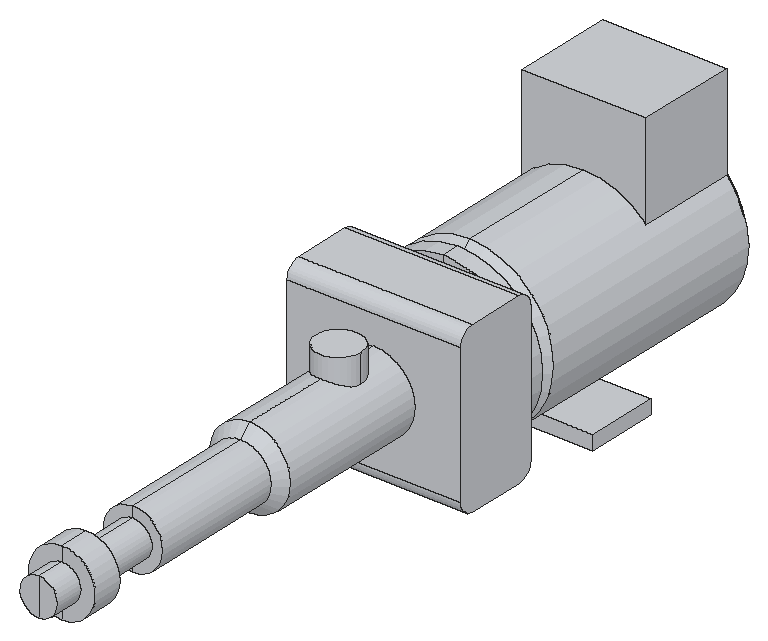
Revit family "d99492423ba04b1ebf5dc01cb46cf03f", category Mechanical Equipment, host Face, Revit 2021
Family settings
  Host = Face
  Round Connector Dimension = Use Radius
  Classification = Pump
  Part Type = Normal
  OmniClass Number = 23.60.30.21
  OmniClass Title = Pumps
  Cut with Voids When Loaded = No
  Shared = No
  Room Calculation Point = No
Parameters (values of type "0.29 GPM")
  Width = Motor Radius * 2  # 5 51/64"
  Voltage = 240 V
  Symbol Radius = Width / 2  # 2 115/128"
  Suction Y Offset = 12 61/64"
  Suction Nominal Radius = 1/2"
  Suction Body Radius = Suction Nominal Radius * 1.05 + 1/4"  # 0.775"
  Pump Material = none
  Pump Length = 17 123/256"
  Power Factor = 0.8
  Offset = 0"
  Number of Poles = 3
  Motor Radius = Discharge Z Offset - 1/4"  # 2 115/128"
  Motor Material = none
  Load Classification = Appliance - Dwelling Unit
  Length 1 = Motor Radius - 3/4"  # 2 19/128"
  Length = 27 133/256"
  Height = 8 99/256"
  Flow [instance] = 0.286 GPM
  Discharge Z Offset = 3 19/128"
  Discharge Nominal Radius = 3/8"
  Discharge Body Radius = Discharge Nominal Radius * 1.05 + 1/4"  # 0.64375"
  Default Elevation = 48"
  Apparent Power = 0 VA
Types (5): name | Suction Y Offset | Pump Length | Length | Flow
  (no name) | 12 61/64" | 17 123/256" | 27 133/256" | 0.286 GPM
  0.29 GPM | 12 61/64" | 17 123/256" | 27 133/256" | 0.286 GPM
  0.48 GPM | 12 61/64" | 17 123/256" | 27 133/256" | 0.476 GPM
  0.95 GPM | 13 105/128" | 18 89/256" | 30 121/256" | 0.947 GPM
  2.55 GPM | 15 5/64" | 19 155/256" | 31 187/256" | 2.554 GPM
Reference planes (in)
  plane 1 "Center (Front/Back)": y = 0
  plane 2: z = 0
  plane 3 "Center (Left/Right)": x = 0
  plane 4: y = -13.75977
  plane 5: y = 13.75977
  plane 6: y = 3.7207
  plane 7 "bottom": z = 0
  plane 8: z = 3.14844
  plane 9: y = -12.75977
  plane 10: y = 8.74023
  plane 11: y = 6.24023
  plane 12: y = 13.25977
  plane 13: y = 9.75977
  plane 14: z = 8.38672
  plane 15: y = -5.01953
  plane 16: z = 5.29688
  plane 17: y = 0.7207
  plane 18: y = -0.80664
Forms (in)
  Revolve 1, solid, material <- "Pump Material"
    sketch origin (0, 0, 0) x (0, 1, 0) y (0, 0, 1)
      loop
        line (13.75977, 3.14844) -> (13.75977, 5.54688) -> (13.25977, 6.04688) -> (4.85527, 6.04688) -> (4.35058, 5.54219) -> (4.35058, 6.04688) -> (3.7207, 6.04688) -> (3.7207, 3.14844) -> (13.75977, 3.14844)
      loop
        line (-13.75977, 3.14844) -> (0.7207, 3.14844) -> (0.7207, 4.54688) -> (-4.64219, 4.54688) -> (-5.01953, 4.16953) -> (-9.68909, 4.16953) -> (-9.68909, 3.79219) -> (-11.71094, 3.79219) -> (-11.71094, 4.29219) -> (-12.75977, 4.29219) -> (-12.75977, 3.79219) -> (-13.75977, 3.79219) -> (-13.75977, 3.14844)
      axis (-13.75977, 3.14844) -> (13.75977, 3.14844)
    angle from 0 to 360
  Extrusion 2, solid, material <- "Pump Material"
    sketch origin (0, -105.2001, 0) x (0, -1, 0) y (1, 0, 0)
      loop
        line (-113.94033, -3.14844) -> (-111.44033, -3.14844) -> (-111.44033, 3.14844) -> (-113.94033, 3.14844) -> (-113.94033, -3.14844)
    from 0 to 0.5
  Extrusion 3, solid, material <- "Pump Material"
    sketch origin (0, 0, 0) x (1, 0, 0) y (0, 1, 0)
      loop
        line (-2.14375, 13.25977) -> (-2.14375, 9.75977) -> (2.14375, 9.75977) -> (2.14375, 13.25977) -> (-2.14375, 13.25977)
    from 8.38672 to 3.14844
  Extrusion 4, solid, material <- "Pump Material"
    sketch origin (0, 0, 0) x (0, 1, 0) y (0, 0, 1)
      loop
        arc (1.2207, 6.04688) -> (0.86715, 5.90043) -> (0.7207, 5.54688) r 0.5
        line (0.7207, 5.54688) -> (0.7207, 0.75)
        arc (0.7207, 0.75) -> (0.86715, 0.39645) -> (1.2207, 0.25) r 0.5
        line (1.2207, 0.25) -> (3.2207, 0.25)
        arc (3.2207, 0.25) -> (3.57426, 0.39645) -> (3.7207, 0.75) r 0.5
        line (3.7207, 0.75) -> (3.7207, 5.54688)
        arc (3.7207, 5.54688) -> (3.57426, 5.90043) -> (3.2207, 6.04688) r 0.5
        line (3.2207, 6.04688) -> (1.2207, 6.04688)
    from -3 to 3
  Extrusion 5, solid, material <- "Pump Material"
    sketch origin (0, 0, 0) x (1, 0, 0) y (0, 1, 0)
      loop
        circle (0, -0.80664) r 0.775
    from 3.14844 to 5.29688
Cuts and joins
  joined: Revolve 1, Extrusion 2, Extrusion 3, Extrusion 5
Lines and regions (in)
  Masking region 1, detail levels fine
    outline origin (0, 0, 0) x (1, 0, 0) y (0, 1, 0)
      loop
        line (0.64375, -13.75977) -> (0.64375, -12.75977) -> (1.14375, -12.75977) -> (1.14375, -11.71094) -> (0.64375, -11.71094) -> (0.64375, -9.68909) -> (1.02109, -9.68909) -> (1.02109, -5.01953) -> (1.39844, -4.64219) -> (1.39844, 0.7207) -> (3, 0.7207) -> (3, 3.7207) -> (2.89844, 3.7207) -> (2.89844, 6.24023) -> (3.14844, 6.24023) -> (3.14844, 8.74023) -> (2.89844, 8.74023) -> (2.89844, 13.75977) -> (-2.89844, 13.75977) -> (-2.89844, 8.74023) -> (-3.14844, 8.74023) -> (-3.14844, 6.24023) -> (-2.89844, 6.24023) -> (-2.89844, 3.7207) -> (-3, 3.7207) -> (-3, 0.7207) -> (-1.39844, 0.7207) -> (-1.39844, -4.64219) -> (-1.02109, -5.01953) -> (-1.02109, -9.68909) -> (-0.64375, -9.68909) -> (-0.64375, -11.71094) -> (-1.14375, -11.71094) -> (-1.14375, -12.75977) -> (-0.64375, -12.75977) -> (-0.64375, -13.75977) -> (0.64375, -13.75977)
  symbolic lines, detail levels fine
    curve 1: line (-0.64375, -12.75977, 0) -> (0.64375, -12.75977, 0)
    curve 2: line (-0.64375, -11.71094, 0) -> (0.64375, -11.71094, 0)
    curve 3: line (-0.64375, -9.68909, 0) -> (0.64375, -9.68909, 0)
    curve 4: line (-1.02109, -5.01953, 0) -> (1.02109, -5.01953, 0)
    curve 5: line (-1.39844, -4.64219, 0) -> (1.39844, -4.64219, 0)
    curve 6: line (-1.39844, 0.7207, 0) -> (1.39844, 0.7207, 0)
    curve 7: line (-2.89844, 3.7207, 0) -> (2.89844, 3.7207, 0)
    curve 8: line (-2.89844, 8.74023, 0) -> (-2.89844, 6.24023, 0)
    curve 9: line (2.89844, 8.74023, 0) -> (2.89844, 6.24023, 0)
Dimensions and locks (in)
  equal spacing: plane 5, plane 1 "Center (Front/Back)", plane 4
  "Length": plane 5 to plane 4
  "Pump Length": plane 6 to plane 4
  "Offset": plane 7 "bottom" to level
  "Discharge Z Offset": plane 8 to plane 7 "bottom"
  "Motor Radius": Revolve 1 sketch curve to Revolve 1 sketch curve
  locked: plane 4 to plane 9 at 1
  "Discharge Body Radius": Revolve 1 sketch curve to Revolve 1 sketch curve
  equal spacing: Revolve 1 sketch curve, Revolve 1 sketch curve, Revolve 1 sketch curve
  locked: plane 10 to plane 11 at 2.5
  equal spacing: plane 5, plane 10, plane 6
  "Discharge Z Offset": Extrusion 2 sketch curve to plane 3 "Center (Left/Right)"
  "Discharge Z Offset": plane 3 "Center (Left/Right)" to Extrusion 2 sketch curve
  locked: plane 12 to plane 5 at 0.5
  locked: plane 12 to plane 13 at 3.5
  equal spacing: Extrusion 3 sketch curve, plane 3 "Center (Left/Right)", Extrusion 3 sketch curve
  "Height": plane 14 to plane 7 "bottom"
  equal spacing: plane 6, plane 15, plane 4
  "Length 1": plane 16 to plane 8
  locked: plane 17 to plane 6 at 3
  locked: Revolve 1 sketch curve to Revolve 1 sketch curve at 1.5
  "Suction Y Offset": plane 4 to plane 18
  "Motor Radius": plane 8 to Extrusion 4 sketch curve  (x2)
  "Motor Radius": Masking region 1 sketch curve to plane 3 "Center (Left/Right)"
  "Motor Radius": plane 3 "Center (Left/Right)" to Masking region 1 sketch curve
  "Discharge Body Radius": Masking region 1 sketch curve to plane 3 "Center (Left/Right)"
  "Discharge Body Radius": plane 3 "Center (Left/Right)" to Masking region 1 sketch curve
  locked: Masking region 1 sketch curve to Masking region 1 sketch curve at 1.5  (x2)
  locked: Masking region 1 sketch curve to Masking region 1 sketch curve at 0.5  (x2)
  locked: Revolve 1 sketch curve to Revolve 1 sketch curve at 0.5
  equal spacing: Masking region 1 sketch curve, Masking region 1 sketch curve, Masking region 1 sketch curve  (x2)
  "Suction Body Radius": radius of Extrusion 5 sketch curve
  radius of Extrusion 4 sketch curve = 1/2"  (x4)
  aligned and locked: plane 2 to host face
  aligned and locked: level to host face
  aligned and locked: Revolve 1 sketch curve to plane 8
  aligned and locked: Revolve 1 sketch curve to plane 5
  aligned and locked: plane 6 to Revolve 1 sketch curve
  aligned and locked: Revolve 1 sketch curve to Revolve 1 sketch curve  (x2)
  aligned and locked: plane 4 to Revolve 1 sketch curve
  aligned and locked: Revolve 1 sketch curve to plane 9
  aligned and locked: plane 11 to Extrusion 2 sketch curve
  aligned and locked: Extrusion 2 sketch curve to plane 10
  aligned and locked: plane 12 to Extrusion 3 sketch curve
  aligned and locked: plane 13 to Extrusion 3 sketch curve
  aligned and locked: plane 8 to Extrusion 3
  aligned and locked: plane 14 to Extrusion 3
  aligned and locked: plane 15 to Revolve 1 sketch curve
  aligned and locked: plane 3 "Center (Left/Right)" to nested 1
  aligned and locked: plane 1 "Center (Front/Back)" to nested 1
  aligned and locked: Revolve 1 sketch curve to plane 17
  aligned and locked: plane 18 to Extrusion 5 sketch curve
  aligned and locked: plane 3 "Center (Left/Right)" to Extrusion 5 sketch curve
  aligned and locked: Extrusion 5 to plane 16
  aligned and locked: Extrusion 5 to plane 8
  aligned and locked: Masking region 1 sketch curve to Masking region 1 sketch curve  (x10)
  aligned and locked: Masking region 1 sketch curve to cut or joined group of Revolve 1, Extrusion 2, Extrusion 3, Extrusion 5  (x6)
  aligned and locked: Masking region 1 sketch curve to plane 11
  aligned and locked: Masking region 1 sketch curve to plane 10
  aligned and locked: Masking region 1 sketch curve to plane 5
  aligned and locked: plane 6 to Masking region 1 sketch curve
  aligned and locked: plane 17 to Masking region 1 sketch curve
  aligned and locked: Masking region 1 sketch curve to Extrusion 4  (x2)
  aligned and locked: plane 4 to Masking region 1 sketch curve
  aligned and locked: plane 15 to Masking region 1 sketch curve  (x2)
Automatic sketch dimensions
  host sketch curve to host sketch curve = 96"  (x2)
  Extrusion 3 sketch curve to plane 3 "Center (Left/Right)" = 2.14375"
  curve 8 to plane 11 = 0"
  curve 7 to plane 6 = 0"
  curve 8 to plane 10 = 0"
  curve 6 to plane 17 = 0"
  curve 4 to plane 15 = 0"
  curve 9 to plane 10 = 0"
  curve 9 to plane 11 = 0"
  curve 8 to plane 3 "Center (Left/Right)" = 2 115/128"
  curve 7 to curve 8 = 0"
  curve 6 to plane 3 "Center (Left/Right)" = 1 51/128"
  plane 15 to curve 5 = 0.37734"
  curve 5 to plane 3 "Center (Left/Right)" = 1 51/128"
  curve 5 to curve 4 = 0.37734"
  curve 1 to plane 3 "Center (Left/Right)" = 0.64375"
  curve 3 to plane 3 "Center (Left/Right)" = 0.64375"
  curve 2 to plane 3 "Center (Left/Right)" = 0.64375"
  plane 3 "Center (Left/Right)" to curve 3 = 0.64375"
  plane 3 "Center (Left/Right)" to curve 1 = 0.64375"
  plane 3 "Center (Left/Right)" to curve 2 = 0.64375"
  plane 3 "Center (Left/Right)" to curve 4 = 1.02109"
  plane 3 "Center (Left/Right)" to curve 6 = 1 51/128"
  curve 4 to curve 5 = 0.37734"
  plane 3 "Center (Left/Right)" to curve 9 = 2 115/128"
  curve 7 to curve 9 = 0"
  plane 4 to curve 3 = 4.07068"
  curve 2 to curve 3 = 2.02185"
  plane 4 to curve 1 = 1"
  Revolve 1 sketch curve to plane 12 = 0"
  Revolve 1 sketch curve to plane 8 = 0"
  plane 9 to Revolve 1 sketch curve = 1.04883"
  Revolve 1 sketch curve to Revolve 1 sketch curve = 2.02185"
  plane 15 to Revolve 1 sketch curve = 0.37734"
  plane 16 to Revolve 1 sketch curve = 0.24531"
  plane 6 to Revolve 1 sketch curve = 0.62988"
  Revolve 1 sketch curve to Revolve 1 sketch curve = 0.50469"
  Revolve 1 sketch curve to Revolve 1 sketch curve = 1/2"
  plane 16 to Revolve 1 sketch curve = 1/4"
  Revolve 1 sketch curve to plane 4 = 96.49678"
  plane 5 to Revolve 1 sketch curve = 74.98368"
  Extrusion 4 sketch curve to plane 17 = 0"
  Extrusion 4 sketch curve to plane 6 = 0"
  plane 3 "Center (Left/Right)" to Masking region 1 sketch curve = 0.64375"
  plane 15 to Masking region 1 sketch curve = 0.37734"
Nested families (in)
  nested 1: "Pump Symbol" at (0, 0, 0), Symbol Radius <- "Symbol Radius", type "Pump Symbol", detail levels coarse+medium
    with Symbol Radius 2 115/128", Symbol Length 2 2.51012", Symbol Length 1 1 115/256"
Connectors (in)
  piping at (0, -13.75977, 3.14844), diameter 0.75, driven by "Discharge Nominal Radius", driven by "Flow"
    settings: on cut or joined group of Revolve 1, Extrusion 2, Extrusion 3, Extrusion 5, index 2, connector inside diameter 24", connector length 0", flow factor 0, pipe flow 0.286 GPM, pressure drop 0.00 psi, fitting loss kfactor 0, connector angle 0.00°, fixture units 0, engagement length 0", angle of deflection 0.00°, flow configuration 0, flow direction 2, fitting loss method 0, system type 29, joint type 0, gender type 0, connector reference index 3, connector utility 0, adjustable connector no, is connector primary yes, connector description "Out"
  piping at (0, -0.80664, 5.29688), diameter 1, driven by "Suction Nominal Radius", driven by "Flow"
    settings: on cut or joined group of Revolve 1, Extrusion 2, Extrusion 3, Extrusion 5, index 3, connector inside diameter 24", connector length 0", flow factor 0, pipe flow 0.286 GPM, pressure drop 0.00 psi, fitting loss kfactor 0, connector angle 0.00°, fixture units 0, engagement length 0", angle of deflection 0.00°, flow configuration 0, flow direction 1, fitting loss method 0, system type 29, joint type 0, gender type 0, connector reference index 2, connector utility 0, adjustable connector no, is connector primary no, connector description "In"
  electrical at (0, 13.25977, 6.60372), driven by "Number of Poles", driven by "Load Classification", driven by "Voltage", driven by "Apparent Power", driven by "Power Factor"
    settings: on cut or joined group of Revolve 1, Extrusion 2, Extrusion 3, Extrusion 5, index 4, voltage 240 V, apparent load 0 VA, apparent load phase1 0 VA, apparent load phase2 0 VA, apparent load phase3 0 VA, power factor 0.8, load classification "Appliance - Dwelling Unit", number of poles 3, system type 30, power factor state 1, is connector primary yes, connector utility no, sub classification motor no, connector description "Power"
Definition of nested family "Pump Symbol"
  Parameters (values of type "Pump Symbol")
    Symbol Radius [instance] = 24"
    Symbol Length 2 [instance] = cos(30.00°) * Symbol Radius  # 20.78461"
    Symbol Length 1 [instance] = sin(30.00°) * Symbol Radius  # 12"
  Reference planes (in)
    plane 1 "Center (Front/Back)": y = 0
    plane 2: z = 0
    plane 3 "Center (Left/Right)": x = 0
    plane 4: y = 12
    plane 5: y = -24
    plane 6: x = -20.78461
    plane 7: x = 20.78461
  Lines and regions (in)
    Filled region 1, type "Concrete Block", in view "Ref. Level"
      outline origin (0, 0, 0) x (1, 0, 0) y (0, 1, 0)
        loop
          line (-20.78461, 12) -> (0, -24) -> (20.78461, 12) -> (-20.78461, 12)
    detail lines, in view "Ref. Level"
      curve 1: circle (0, 0, 0) r 24 normal (0, 0, 1)
  Dimensions and locks (in)
    "Symbol Radius": plane 1 "Center (Front/Back)" to plane 5
    "Symbol Length 1": plane 4 to plane 1 "Center (Front/Back)"
    "Symbol Length 2": plane 6 to plane 3 "Center (Left/Right)"
    "Symbol Length 2": plane 3 "Center (Left/Right)" to plane 7
    "Symbol Radius": radius of curve 1
    aligned and locked: plane 3 "Center (Left/Right)" to curve 1
    aligned and locked: plane 1 "Center (Front/Back)" to curve 1
  Automatic sketch dimensions
    Filled region 1 sketch curve to plane 4 = 0"
    Filled region 1 sketch curve to plane 6 = 0"
    Filled region 1 sketch curve to plane 3 "Center (Left/Right)" = 0"
    Filled region 1 sketch curve to plane 7 = 0"
    Filled region 1 sketch curve to plane 5 = 0"
